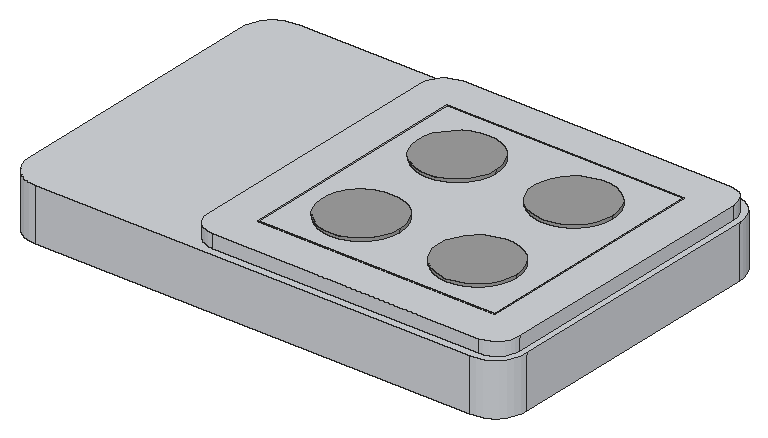
Revit family "Lighting-Industrial-GEWISS-SMART[4]HLO_HIGHBAYS-LED_1M_DALI", category Apparecchi per illuminazione, Revit 2019
Family settings
  Quota connettore circolare = Usa diametro
  Tipo di parte = Normale
  Numero OmniClass = 23.80.00.00
  Titolo OmniClass = Electric Power and Lighting
  Basato su piano di lavoro = Sì
  Sempre verticale = No
  Taglio con vuoti quando caricato = No
  Sorgente d'illuminazione = No
  Condiviso = No
  Punto di calcolo locali = No
Parameters (values of type "GWS4123BQ857 - SMART4LB 1M C.PAS.DALI HLO ELL.57K")
  Wiring = "With GW connect watertight connector"
  Weight (kg): = "3,5"
  Warranty = "5 years"
  Voltaggio = 230 V
  Vetro acceso = Lampada accesa
  Version file RFA = "20.11"
  Unique digital code (Datamatrix) = "Datamatrix"
  Unified Glare Rating = "-"
  URL = "https://www.gewiss.com/ww/en"
  Type of light source = "LED - Not replaceable"
  Tilt- = "With bracket accessory"
  Technical sheet = "https://www.gewiss.com/ww/en/search?q=GWS4123BQ857"
  System power = "64W"
  Supply voltage = "220 - 240 V"
  Stocking temperature = "-40 +70 °C"
  Standards and approvals = "-"
  Standard- = "EN 60598-1 ; EN 60598-2-1 ; EN 60598-2-24"
  Standard Deviation Colour Matching = "SDCM = 3"
  Spostamento_Y_etichetta [instance] = 0 mm
  Spostamento_Y_effettivo_etichetta [instance] = 1500 mm - Spostamento_Y_etichetta  # 1500 mm
  Spostamento_X_etichetta [instance] = 0 mm
  Spostamento_X_effettivo_etichetta [instance] = 1500 mm - Spostamento_X_etichetta  # 1500 mm
  Shock resistance = "IK08"
  Shield type = "Tempered glass Thickness 4mm"
  SEO = "Low bay"
  Realized by GEWISS S.p.A. = ""
  Rated frequency (Hz) = "50/60 Hz"
  Produttore = "GEWISS S.p.A."
  Photobiological Risk Class = "RG0"
  Overvoltage protection = "DM 6 kV / CM 10 kV"
  Optic and illuminating features = "-"
  Optic Maintenance = "Non-replaceable"
  Optic : = "Metallic PC reflector and PMMA lenses"
  Optic = "Elliptical"
  Operating temperature : = "-30°C ÷ +50 °C"
  Offset etichetta W [instance] = 120 mm
  Mouting and installation = "Ceiling - Wallmounting - Suspension"
  Modello = "GWS4123BQ857"
  Maximum surface exposed to the wind : = "0,097 m²"
  Materials = "-"
  Luminaire = "LED Industrial Reflector "
  Lumen output (lm) = "8200"
  Locking Hook = "-"
  Lifetime = "L90B10 (Tq+25°C) = 100.000 h - L90B10 (Tq+50°C) = 50.000 h"
  Lampada = "LED"
  LED Maintenance = "Non-replaceable"
  Insulation class = "I"
  Installationa and maintenance = "-"
  Immagine tipo = GWL1071.jpg
  IPEA = "-"
  IP degree = "IP66"
  IFC.TypeObject = ""
  IFC.ExportType = ""
  IFC.ExportAs = ""
  IDT = "0f19f0c5244441bab192072dc14552b5"
  IDF = "f2ed7942-e2f7-4533-ac64-b961166995a0"
  Glow Wire Test : = "850 °C"
  General information = "-"
  Gasket = "anti-aging silicone"
  Fixing = "-"
  External screw = "Stainless steel"
  Etichetta wattaggio [instance] = yes
  Default Elevation = 1219.2 mm
  Trasformatore = none
  Spessore plafoniera = 40 mm  # constant formula
  Proiettsmart [instance] = yes
  Raggio led = 30 mm  # constant formula
  Plafoniera = none
  Eletrical and lighting features = "-"
  Electrocod = "2444"
  Efficiency (lm/W) = "128"
  Driver Box = "Built-in"
  Driver = "Included"
  Device with reduced surface temperature = "Yes"
  Descrizione = "SMART[4]LB 1M C.PAS.DALI HLO ELL.57K"
  DIN 18032-3 certification = "With Bracket - Rope Kit + terminal&nbsp;(in approval)"
  Control System : = "DALI"
  Control System = "1 x DALI DT6"
  Context = "Logistics and industrial manufacturing lighting"
  Commenti sul wattaggio = "50W"
  Colour temperature = "5700K"
  Colour : = "Grey RAL 7035"
  Colour = "Grey RAL 7035"
  Color Rendering Index = "CRI-80"
  Classificazione = Lighting
  Classification: = "-"
  Catalogue = "LIGHTING"
  Carico apparente = 50 VA
  Motore = none
  Lunghezza = 383 mm  # constant formula
  Larghezza = 253 mm  # constant formula
  Distanza tot_plafoniera = 74 mm  # constant formula
  Dettaglio bidimensionale attivo [instance] = not(Proiettsmart)  # no
  COBie.Tagnumber = ""
  COBie.CreatedOn = ""
  COBie.CreatebBy = ""
  COBie.ComponentRegisterItemID = ""
  COBie.Component.TagNumber = ""
  COBie.Component.Space = ""
  COBie.Component.SerialNumber = ""
  COBie.Component.InstallationDate = ""
  COBie.Component.Description = ""
  COBie.Component.BarCode = ""
  Body = "PA6 \"Halogen Free\" loaded fibreglass"
  Application = "Internal"
Types (36, lengths in mm): name | Unified Glare Rating | Technical sheet | SEO | Optic : | Optic | Modello | Lumen output (lm) | IDT | Efficiency (lm/W) | Descrizione | Colour temperature
  GWS4121BA830 - SMART4LB 1M ST.AL.DALI HLO ARR.30K | "-" | "https://www.gewiss.com/ww/en/search?q=GWS4121BA830" | "" | "Metallized polycarbonate reflector" | "Array" | "GWS4121BA830" | "8700" | "3c8c9cd2a1f8466ea330df7b803f5e3e" | "136" | "SMART[4]LB 1M ST.AL.DALI HLO ARR.30K" | "3000K"
  GWS4121BA840 - SMART4LB 1M ST.AL.DALI HLO ARR.40K | "-" | "https://www.gewiss.com/ww/en/search?q=GWS4121BA840" | "" | "Metallized polycarbonate reflector" | "Array" | "GWS4121BA840" | "9200" | "fc32e31fcfe947ef98c649eb0c9092ca" | "144" | "SMART[4]LB 1M ST.AL.DALI HLO ARR.40K" | "4000K"
  GWS4121BA857 - SMART4LB 1M ST.AL.DALI HLO ARR.57K | "-" | "https://www.gewiss.com/ww/en/search?q=GWS4121BA857" | "" | "Metallized polycarbonate reflector" | "Array" | "GWS4121BA857" | "9200" | "cf8a8344517a413eb03ec89a6845701b" | "144" | "SMART[4]LB 1M ST.AL.DALI HLO ARR.57K" | "5700K"
  GWS4121BC830 - SMART4LB 1M ST.AL.DALI HLO ASI.30K | "-" | "https://www.gewiss.com/ww/en/search?q=GWS4121BC830" | "Low bay" | "Metallic PC reflector and PMMA lenses" | "Asymmetrical" | "GWS4121BC830" | "7800" | "a0b648026476420b8dc21789f594ab3c" | "122" | "SMART[4]LB 1M ST.AL.DALI HLO ASI.30K" | "3000K"
  GWS4121BC840 - SMART4LB 1M ST.AL.DALI HLO ASI.40K | "-" | "https://www.gewiss.com/ww/en/search?q=GWS4121BC840" | "Low bay" | "Metallic PC reflector and PMMA lenses" | "Asymmetrical" | "GWS4121BC840" | "8200" | "88e05dfef13146d99efdb6a832d9ab8c" | "128" | "SMART[4]LB 1M ST.AL.DALI HLO ASI.40K" | "4000K"
  GWS4121BC857 - SMART4LB 1M ST.AL.DALI HLO ASI.57K | "-" | "https://www.gewiss.com/ww/en/search?q=GWS4121BC857" | "Low bay" | "Metallic PC reflector and PMMA lenses" | "Asymmetrical" | "GWS4121BC857" | "8200" | "9ff981c9860f40c5b783777c3291eb13" | "128" | "SMART[4]LB 1M ST.AL.DALI HLO ASI.57K" | "5700K"
  GWS4121BF830 - SMART4LB 1M ST.AL.DALI HLO 30° 30K | "UGR - 22" | "https://www.gewiss.com/ww/en/search?q=GWS4121BF830" | "" | "Metallic PC reflector and PMMA lenses" | "30°" | "GWS4121BF830" | "8600" | "a25cc7125eb34224b572debc80b601d7" | "134" | "SMART[4]LB 1M ST.AL.DALI HLO 30° 30K" | "3000K"
  GWS4121BF840 - SMART4LB 1M ST.AL.DALI HLO 30° 40K | "UGR - 22" | "https://www.gewiss.com/ww/en/search?q=GWS4121BF840" | "" | "Metallic PC reflector and PMMA lenses" | "30°" | "GWS4121BF840" | "9000" | "d29e8aeb44ce46139e3ee9839a01651b" | "141" | "SMART[4]LB 1M ST.AL.DALI HLO 30° 40K" | "4000K"
  GWS4121BF857 - SMART4LB 1M ST.AL.DALI HLO 30° 57K | "UGR - 22" | "https://www.gewiss.com/ww/en/search?q=GWS4121BF857" | "" | "Metallic PC reflector and PMMA lenses" | "30°" | "GWS4121BF857" | "9000" | "33cec2ce45a848bb8ca47bcfa83b6f1e" | "141" | "SMART[4]LB 1M ST.AL.DALI HLO 30° 57K" | "5700K"
  GWS4121BH830 - SMART4LB 1M ST.AL.DALI HLO 60° 30K | "UGR - 25" | "https://www.gewiss.com/ww/en/search?q=GWS4121BH830" | "" | "Metallic PC reflector and PMMA lenses" | "60°" | "GWS4121BH830" | "8700" | "e9044566d9f142cb86b239b58a093b83" | "136" | "SMART[4]LB 1M ST.AL.DALI HLO 60° 30K" | "3000K"
  GWS4121BH840 - SMART4LB 1M ST.AL.DALI HLO 60° 40K | "UGR - 25" | "https://www.gewiss.com/ww/en/search?q=GWS4121BH840" | "" | "Metallic PC reflector and PMMA lenses" | "60°" | "GWS4121BH840" | "9200" | "d5c5bb56d87444a69fc6f2bb007e5cd2" | "144" | "SMART[4]LB 1M ST.AL.DALI HLO 60° 40K" | "4000K"
  GWS4121BH857 - SMART4LB 1M ST.AL.DALI HLO 60° 57K | "UGR - 25" | "https://www.gewiss.com/ww/en/search?q=GWS4121BH857" | "" | "Metallic PC reflector and PMMA lenses" | "60°" | "GWS4121BH857" | "9200" | "0def7b99f0bd4d9e8ef09be3a887c532" | "144" | "SMART[4]LB 1M ST.AL.DALI HLO 60° 57K" | "5700K"
  GWS4121BP830 - SMART4LB 1M ST.AL.DALI HLO 90° 30K | "UGR - 25" | "https://www.gewiss.com/ww/en/search?q=GWS4121BP830" | "" | "Metallic PC reflector and PMMA lenses" | "90°" | "GWS4121BP830" | "8800" | "e4cf1c9a884642aba78b24a96ff78798" | "138" | "SMART[4]LB 1M ST.AL.DALI HLO 90° 30K" | "3000K"
  GWS4121BP840 - SMART4LB 1M ST.AL.DALI HLO 90° 40K | "UGR - 25" | "https://www.gewiss.com/ww/en/search?q=GWS4121BP840" | "" | "Metallic PC reflector and PMMA lenses" | "90°" | "GWS4121BP840" | "9200" | "7dd5841921884531b88a6f8bfa8e61b4" | "144" | "SMART[4]LB 1M ST.AL.DALI HLO 90° 40K" | "4000K"
  GWS4121BP857 - SMART4LB 1M ST.AL.DALI HLO 90° 57K | "UGR - 25" | "https://www.gewiss.com/ww/en/search?q=GWS4121BP857" | "" | "Metallic PC reflector and PMMA lenses" | "90°" | "GWS4121BP857" | "9200" | "cb277817826749b794fbcda43e3a19d6" | "144" | "SMART[4]LB 1M ST.AL.DALI HLO 90° 57K" | "5700K"
  GWS4121BQ830 - SMART4LB 1M ST.AL.DALI HLO ELL.30K | "-" | "https://www.gewiss.com/ww/en/search?q=GWS4121BQ830" | "Low bay" | "Metallic PC reflector and PMMA lenses" | "Elliptical" | "GWS4121BQ830" | "7800" | "1e9ce777929e46018d5902249b083327" | "122" | "SMART[4]LB 1M ST.AL.DALI HLO ELL.30K" | "3000K"
  GWS4121BQ840 - SMART4LB 1M ST.AL.DALI HLO ELL.40K | "-" | "https://www.gewiss.com/ww/en/search?q=GWS4121BQ840" | "Low bay" | "Metallic PC reflector and PMMA lenses" | "Elliptical" | "GWS4121BQ840" | "8200" | "864ab2423d074fd385efe1e645d140bf" | "128" | "SMART[4]LB 1M ST.AL.DALI HLO ELL.40K" | "4000K"
  GWS4121BQ857 - SMART4LB 1M ST.AL.DALI HLO ELL.57K | "-" | "https://www.gewiss.com/ww/en/search?q=GWS4121BQ857" | "Low bay" | "Metallic PC reflector and PMMA lenses" | "Elliptical" | "GWS4121BQ857" | "8200" | "25e801fb086948e2b4327555bf07c617" | "128" | "SMART[4]LB 1M ST.AL.DALI HLO ELL.57K" | "5700K"
  GWS4123BA830 - SMART4LB 1M C.PAS.DALI HLO ARR.30K | "-" | "https://www.gewiss.com/ww/en/search?q=GWS4123BA830" | "" | "Metallized polycarbonate reflector" | "Array" | "GWS4123BA830" | "8700" | "6fc344f2021542a3b1c946733bec046f" | "136" | "SMART[4]LB 1M C.PAS.DALI HLO ARR.30K" | "3000K"
  GWS4123BA840 - SMART4LB 1M C.PAS.DALI HLO ARR.40K | "-" | "https://www.gewiss.com/ww/en/search?q=GWS4123BA840" | "" | "Metallized polycarbonate reflector" | "Array" | "GWS4123BA840" | "9200" | "5fcec995ed3e46dd97f602341056cff6" | "144" | "SMART[4]LB 1M C.PAS.DALI HLO ARR.40K" | "4000K"
  GWS4123BA857 - SMART4LB 1M C.PAS.DALI HLO ARR.57K | "-" | "https://www.gewiss.com/ww/en/search?q=GWS4123BA857" | "" | "Metallized polycarbonate reflector" | "Array" | "GWS4123BA857" | "9200" | "cad7cdcff6d94a1cbaaf84e02f2e9f9c" | "144" | "SMART[4]LB 1M C.PAS.DALI HLO ARR.57K" | "5700K"
  GWS4123BC830 - SMART4LB 1M C.PAS.DALI HLO ASI.30K | "-" | "https://www.gewiss.com/ww/en/search?q=GWS4123BC830" | "Low bay" | "Metallic PC reflector and PMMA lenses" | "Asymmetrical" | "GWS4123BC830" | "7800" | "506f4d9ad5a044b8b5ea046696c04247" | "122" | "SMART[4]LB 1M C.PAS.DALI HLO ASI.30K" | "3000K"
  GWS4123BC840 - SMART4LB 1M C.PAS.DALI HLO ASI.40K | "-" | "https://www.gewiss.com/ww/en/search?q=GWS4123BC840" | "Low bay" | "Metallic PC reflector and PMMA lenses" | "Asymmetrical" | "GWS4123BC840" | "8200" | "a50ae92af3244e0aadfb2ab6c186a472" | "128" | "SMART[4]LB 1M C.PAS.DALI HLO ASI.40K" | "4000K"
  GWS4123BC857 - SMART4LB 1M C.PAS.DALI HLO ASI.57K | "-" | "https://www.gewiss.com/ww/en/search?q=GWS4123BC857" | "Low bay" | "Metallic PC reflector and PMMA lenses" | "Asymmetrical" | "GWS4123BC857" | "8200" | "e3c59657c70f4f66a7e8467e85947b53" | "128" | "SMART[4]LB 1M C.PAS.DALI HLO ASI.57K" | "5700K"
  GWS4123BF830 - SMART4LB 1M C.PAS.DALI HLO 30° 30K | "UGR - 22" | "https://www.gewiss.com/ww/en/search?q=GWS4123BF830" | "" | "Metallic PC reflector and PMMA lenses" | "30°" | "GWS4123BF830" | "8600" | "8fe097f7d60a4ec2a90aec73ccdb869a" | "134" | "SMART[4]LB 1M C.PAS.DALI HLO 30° 30K" | "3000K"
  GWS4123BF840 - SMART4LB 1M C.PAS.DALI HLO 30° 40K | "UGR - 22" | "https://www.gewiss.com/ww/en/search?q=GWS4123BF840" | "" | "Metallic PC reflector and PMMA lenses" | "30°" | "GWS4123BF840" | "9000" | "2c78ef94f8dc4b6eb48cc91e5226dd56" | "141" | "SMART[4]LB 1M C.PAS.DALI HLO 30° 40K" | "4000K"
  GWS4123BF857 - SMART4LB 1M C.PAS.DALI HLO 30° 57K | "UGR - 22" | "https://www.gewiss.com/ww/en/search?q=GWS4123BF857" | "" | "Metallic PC reflector and PMMA lenses" | "30°" | "GWS4123BF857" | "9000" | "e72fbe3d36494be5b6a607f2f80b7e8c" | "141" | "SMART[4]LB 1M C.PAS.DALI HLO 30° 57K" | "5700K"
  GWS4123BH830 - SMART4LB 1M C.PAS.DALI HLO 60° 30K | "UGR - 25" | "https://www.gewiss.com/ww/en/search?q=GWS4123BH830" | "" | "Metallic PC reflector and PMMA lenses" | "60°" | "GWS4123BH830" | "8700" | "332ed2f7157f4022bec102e0d33e26fe" | "136" | "SMART[4]LB 1M C.PAS.DALI HLO 60° 30K" | "3000K"
  GWS4123BH840 - SMART4LB 1M C.PAS.DALI HLO 60° 40K | "UGR - 25" | "https://www.gewiss.com/ww/en/search?q=GWS4123BH840" | "" | "Metallic PC reflector and PMMA lenses" | "60°" | "GWS4123BH840" | "9200" | "be55320ac3cc4c30ab8e75c2cf8222e5" | "144" | "SMART[4]LB 1M C.PAS.DALI HLO 60° 40K" | "4000K"
  GWS4123BH857 - SMART4LB 1M C.PAS.DALI HLO 60° 57K | "UGR - 25" | "https://www.gewiss.com/ww/en/search?q=GWS4123BH857" | "" | "Metallic PC reflector and PMMA lenses" | "60°" | "GWS4123BH857" | "9200" | "0a12d31ccdb84652b1b2a166e5128af2" | "144" | "SMART[4]LB 1M C.PAS.DALI HLO 60° 57K" | "5700K"
  GWS4123BP830 - SMART4LB 1M C.PAS.DALI HLO 90° 30K | "UGR - 25" | "https://www.gewiss.com/ww/en/search?q=GWS4123BP830" | "" | "Metallic PC reflector and PMMA lenses" | "90°" | "GWS4123BP830" | "8800" | "c0ab7bf293074d3eb7aa119152d3f6b5" | "138" | "SMART[4]LB 1M C.PAS.DALI HLO 90° 30K" | "3000K"
  GWS4123BP840 - SMART4LB 1M C.PAS.DALI HLO 90° 40K | "UGR - 25" | "https://www.gewiss.com/ww/en/search?q=GWS4123BP840" | "" | "Metallic PC reflector and PMMA lenses" | "90°" | "GWS4123BP840" | "9200" | "d1b9887548ab42a0939a33bf9b0ca247" | "144" | "SMART[4]LB 1M C.PAS.DALI HLO 90° 40K" | "4000K"
  GWS4123BP857 - SMART4LB 1M C.PAS.DALI HLO 90° 57K | "UGR - 25" | "https://www.gewiss.com/ww/en/search?q=GWS4123BP857" | "" | "Metallic PC reflector and PMMA lenses" | "90°" | "GWS4123BP857" | "9200" | "d0153c7a045b47d38d3cf9b3a6626c4d" | "144" | "SMART[4]LB 1M C.PAS.DALI HLO 90° 57K" | "5700K"
  GWS4123BQ830 - SMART4LB 1M C.PAS.DALI HLO ELL.30K | "-" | "https://www.gewiss.com/ww/en/search?q=GWS4123BQ830" | "Low bay" | "Metallic PC reflector and PMMA lenses" | "Elliptical" | "GWS4123BQ830" | "7800" | "bbe2d4bfdb1746bab4d4adc563020c20" | "122" | "SMART[4]LB 1M C.PAS.DALI HLO ELL.30K" | "3000K"
  GWS4123BQ840 - SMART4LB 1M C.PAS.DALI HLO ELL.40K | "-" | "https://www.gewiss.com/ww/en/search?q=GWS4123BQ840" | "Low bay" | "Metallic PC reflector and PMMA lenses" | "Elliptical" | "GWS4123BQ840" | "8200" | "0459e44a1a3244479af00d5aa7a43ae8" | "128" | "SMART[4]LB 1M C.PAS.DALI HLO ELL.40K" | "4000K"
  GWS4123BQ857 - SMART4LB 1M C.PAS.DALI HLO ELL.57K | "-" | "https://www.gewiss.com/ww/en/search?q=GWS4123BQ857" | "Low bay" | "Metallic PC reflector and PMMA lenses" | "Elliptical" | "GWS4123BQ857" | "8200" | "0f19f0c5244441bab192072dc14552b5" | "128" | "SMART[4]LB 1M C.PAS.DALI HLO ELL.57K" | "5700K"
Reference planes
  plane 1 "Centro (Fronte/Retro)": y = 0
  plane 2: z = 0
  plane 3 "Centro (Sinistra/Destra)": x = 0
  plane 4: x = -191.5
  plane 5: y = 126.5
  plane 6: x = 191.5
  plane 7: y = -126.5
  plane 8: z = -74
  plane 9: x = -175.5
  plane 10: y = -110.5
  plane 11: y = 110.5
  plane 12: x = -60.5
  plane 13: y = 121.5
  plane 14: x = 186.5
  plane 15: y = -120
  plane 16: z = 74
  plane 17: z = 84
  plane 18: z = 86
  plane 19: x = -1500
  plane 20: y = -1500
  plane 21: x = 0
  plane 22: y = 0
Dimensions and locks
  equal spacing: plane 5, plane 1 "Centro (Fronte/Retro)", plane 7
  equal spacing: plane 4, plane 3 "Centro (Sinistra/Destra)", plane 6
  "Lunghezza": plane 4 to plane 6
  "Larghezza": plane 5 to plane 7
  locked: plane 14 to plane 6 at 5
  locked: plane 5 to plane 13 at 5
  nested 3 to plane 8 = 133.058 mm
  locked: plane 4 to plane 9 at 16
  "Offset etichetta W": plane 1 "Centro (Fronte/Retro)" to plane 15
  "Distanza tot_plafoniera": plane 16 to level
  locked: plane 18 to plane 17 at 2
  plane 19 to plane 3 "Centro (Sinistra/Destra)" = 1500 mm
  plane 1 "Centro (Fronte/Retro)" to plane 20 = 1500 mm
  "Spostamento_Y_effettivo_etichetta": plane 22 to plane 20
  "Spostamento_X_effettivo_etichetta": plane 19 to plane 21
  aligned and locked: level to plane 2
  aligned and locked: plane 4 to nested 1
  aligned and locked: plane 6 to nested 1
  aligned and locked: plane 5 to nested 1
  aligned and locked: plane 7 to nested 1
  aligned and locked: plane 14 to nested 2
  aligned and locked: plane 1 "Centro (Fronte/Retro)" to nested 10
  aligned and locked: nested 3 to plane 2
  aligned and locked: plane 16 to nested 1
  aligned and locked: plane 1 "Centro (Fronte/Retro)" to nested 8
  aligned and locked: plane 1 "Centro (Fronte/Retro)" to nested 1
  aligned and locked: plane 1 "Centro (Fronte/Retro)" to nested 2
  aligned and locked: nested 2 to plane 16
  aligned and locked: nested 4 to plane 18
  aligned and locked: plane 18 to nested 6
  aligned and locked: nested 7 to plane 18
  aligned and locked: plane 18 to nested 5
  aligned and locked: nested 9 to plane 22
  aligned and locked: plane 21 to nested 9
Nested families
  nested 1: "Struttura_SMART[4] LB - 2+2 L" at (0, 0, 74), type "SMART Lab (4) 4L"
  nested 2: "mascherina_SMART (4)" at (66.5, 0, 84), type "Maschera_smart (4) 4L", detail levels medium+fine
  nested 3: "Staffa SMART LAB 4" at (65, -20, 59.058) x (0, 1, 0) z (0, 0, -1), type "Staffa SMART LAB 4", detail levels medium+fine
  nested 4: "Gewis - Led" at (20.25, 44.75, 86), type "Gewis - Led", detail levels fine
  nested 5: "Gewis - Led" at (109.75, 44.75, 86) x (-1, 0, 0) z (0, 0, 1), type "Gewis - Led", detail levels fine
  nested 6: "Gewis - Led" at (20.25, -47.75, 86), type "Gewis - Led", detail levels fine
  nested 7: "Gewis - Led" at (109.75, -47.75, 86) x (-1, 0, 0) z (0, 0, 1), type "Gewis - Led", detail levels fine
  nested 8: "Rappr_bidimensionale_SMART[4] LB 4L" at (40, 0, 0), visible <- "Dettaglio bidimensionale attivo", type "SMART[4] LB 4L_bidimensionalerfa"
  nested 9: "ETICHETTA LIGHT" at (0, 0, 0), visible <- "Etichetta wattaggio", type "ETICHETTA LIGHT"
  nested 10: "PROIETTSMART " at (-32.162, 0, 0), visible <- "Proiettsmart", type "PROIETTSMART "
Connectors
  electrical at (0.009, -0.098, 34), driven by "Classificazione", driven by "Carico apparente"
    settings: on nested 1, index 1, voltage 230 V, apparent load 0 VA, apparent load phase1 50 VA, apparent load phase2 0 VA, apparent load phase3 0 VA, power factor 1, load classification "Lighting", number of poles 2, system type 31, power factor state 1, is connector primary yes, connector utility no, sub classification motor no, connector description ""
Definition of nested family "Struttura_SMART[4] LB - 2+2 L"
  Parameters (values of type "SMART Lab (4) 4L")
    Struttura plafoniera = none
    Spessore_plafoniera = 40 mm
    Lunghezza = 383 mm
    Larghezza = 253 mm
  Reference planes
    plane 1 "Asse sorgente illuminazione (F/B)": y = 0
    plane 2: z = 0
    plane 3 "Asse sorgente illuminazione (L/R)": x = 0
    plane 4 "Prospetto sorgente di illuminazione": z = -40
    plane 5 "SX": x = -191.5
    plane 6 "DX": x = 191.5
    plane 7 "DIETRO": y = 126.5
    plane 8 "AVANTI": y = -126.5
    plane 9: x = -51.5
    plane 10: x = 180.5
    plane 11: y = -115.5
    plane 12: y = 115.5
    plane 13: x = -180.5
    plane 14: x = 51.5
  Forms (mm)
    Extrusion 1, solid, material <- "Struttura plafoniera"
      sketch origin (0, 0, 0) x (1, 0, 0) y (0, 1, 0)
        loop
          line (191.5, -102.095) -> (191.5, 102.09)
          arc (191.5, 102.09) -> (184.35, 119.35) -> (167.09, 126.5) r 24.41
          line (167.09, 126.5) -> (-167.009, 126.5)
          arc (-167.009, 126.5) -> (-184.554, 119.1) -> (-191.5, 101.371) r 24.499
          line (-191.5, 101.371) -> (-191.5, -102.092)
          arc (-191.5, -102.092) -> (-184.351, -119.351) -> (-167.092, -126.5) r 24.408
          line (-167.092, -126.5) -> (167.117, -126.5)
          arc (167.117, -126.5) -> (184.334, -119.368) -> (191.465, -102.152) r 24.348
      from -40 to 0
  Dimensions and locks
    equal spacing: plane 5 "SX", plane 3 "Asse sorgente illuminazione (L/R)", plane 6 "DX"
    equal spacing: plane 7 "DIETRO", plane 1 "Asse sorgente illuminazione (F/B)", plane 8 "AVANTI"
    "Lunghezza": plane 5 "SX" to plane 6 "DX"
    "Larghezza": plane 7 "DIETRO" to plane 8 "AVANTI"
    locked: plane 7 "DIETRO" to plane 12 at 11
    locked: plane 11 to plane 8 "AVANTI" at 11
    locked: plane 10 to plane 6 "DX" at 11
    locked: plane 9 to plane 10 at 232
    plane 13 to plane 14 = 232 mm
    locked: plane 5 "SX" to plane 13 at 11
    "Spessore_plafoniera": plane 2 to plane 4 "Prospetto sorgente di illuminazione"
    aligned and locked: level to plane 2
    aligned and locked: Extrusion 1 to plane 5 "SX"
    aligned and locked: Extrusion 1 to plane 8 "AVANTI"  (x2)
    aligned and locked: plane 7 "DIETRO" to Extrusion 1
    aligned and locked: plane 6 "DX" to Extrusion 1
    aligned and locked: plane 4 "Prospetto sorgente di illuminazione" to Extrusion 1
    aligned and locked: plane 2 to Extrusion 1
  Automatic sketch dimensions
    Extrusion 1 sketch curve to plane 5 "SX" = 0 mm
    Extrusion 1 sketch curve to plane 8 "AVANTI" = 0 mm
    Extrusion 1 sketch curve to plane 7 "DIETRO" = 0 mm
    Extrusion 1 sketch curve to plane 6 "DX" = 0 mm
    plane 13 to Extrusion 1 sketch curve = 13.408 mm
    plane 13 to Extrusion 1 sketch curve = 13.491 mm
    Extrusion 1 sketch curve to plane 10 = 13.41 mm
    Extrusion 1 sketch curve to plane 10 = 13.383 mm
    plane 11 to Extrusion 1 sketch curve = 13.348 mm
    Extrusion 1 sketch curve to plane 12 = 14.129 mm
    Extrusion 1 sketch curve to Extrusion 1 sketch curve = 0.056 mm
Definition of nested family "mascherina_SMART (4)"
  Parameters (values of type "Maschera_smart (4) 4L")
    Spessore_mascherina = 10 mm
    Default Elevation = 1219.2 mm
    N.intarsi = (Lunghezza_mascherina - (Bordo * 2)) / 15 mm  # 12
    N._intarsi verticale = (Larghezza_mascherina - (Bordo * 2)) / 17 mm  # 11
    Mascherina = none
    Lunghezza_mascherina = 240 mm
    Larghezza_mascherina = 240 mm
    Distanza_intarsi v. = 41 mm  # constant formula
    Distanza_intarsi = 37 mm  # constant formula
    Bordo = 29 mm
  Reference planes
    plane 1 "Centro (Fronte/Retro)": y = 0
    plane 2: z = 0
    plane 3 "Centro (Sinistra/Destra)": x = 0
    plane 4: x = -120
    plane 5 "Dietro": y = 120
    plane 6: x = 120
    plane 7: y = -120
    plane 8: x = -91
    plane 9: y = -91
    plane 10: x = 91
    plane 11: y = 91
    plane 12: x = -83
    plane 13: y = 94.742
    plane 14: y = -95
    plane 15: z = -10
    plane 16: x = -95
    plane 17: y = 79
    plane 18: y = -79
    plane 19: x = 95
    plane 20: z = -4.799
  Forms (mm)
    Extrusion 1, solid, material <- "Mascherina"
      sketch origin (0, 0, 0) x (1, 0, 0) y (0, 1, 0)
        loop
          arc (-102.5, 120) -> (-114.874, 114.874) -> (-120, 102.5) r 17.5
          line (-120, 102.5) -> (-120, -102.5)
          arc (-120, -102.5) -> (-114.874, -114.874) -> (-102.5, -120) r 17.5
          line (-102.5, -120) -> (102.5, -120)
          arc (102.5, -120) -> (114.874, -114.874) -> (120, -102.5) r 17.5
          line (120, -102.5) -> (120, 102.5)
          arc (120, 102.5) -> (114.874, 114.874) -> (102.5, 120) r 17.5
          line (102.5, 120) -> (-102.5, 120)
        loop
          line (-91, 91) -> (-91, -91) -> (91, -91) -> (91, 91) -> (-91, 91)
      from -10 to 0
    Extrusion 2, solid, material <- "Mascherina"
      sketch origin (0, 0, 0) x (1, 0, 0) y (0, 1, 0)
        loop
          line (-91, 91) -> (-91, -91) -> (91, -91) -> (91, 91) -> (-91, 91)
      from -4.799 to 0
  Dimensions and locks
    equal spacing: plane 4, plane 3 "Centro (Sinistra/Destra)", plane 6
    "Lunghezza_mascherina": plane 4 to plane 6
    equal spacing: plane 5 "Dietro", plane 1 "Centro (Fronte/Retro)", plane 7
    "Larghezza_mascherina": plane 5 "Dietro" to plane 7
    "Bordo": plane 4 to plane 8
    "Bordo": plane 9 to plane 7
    "Bordo": plane 5 "Dietro" to plane 11
    "Bordo": plane 10 to plane 6
    "Distanza_intarsi": plane 4 to plane 12
    locked: plane 13 to plane 11 at 3.742
    "Spessore_mascherina": plane 2 to plane 15
    "Distanza_intarsi v.": plane 5 "Dietro" to plane 17
    "Distanza_intarsi v.": plane 18 to plane 7
    locked: plane 9 to plane 14 at 4
    locked: plane 16 to plane 8 at 4
    locked: plane 10 to plane 19 at 4
    locked: plane 2 to plane 20 at 4.799
    radius of Extrusion 1 sketch curve = 17.5 mm  (x4)
    aligned and locked: level to plane 2
    aligned and locked: plane 4 to Extrusion 1 sketch curve
    aligned and locked: plane 6 to Extrusion 1 sketch curve
    aligned and locked: Extrusion 1 sketch curve to plane 5 "Dietro"
    aligned and locked: Extrusion 1 sketch curve to plane 7
    aligned and locked: Extrusion 1 sketch curve to plane 11
    aligned and locked: plane 8 to Extrusion 1 sketch curve
    aligned and locked: plane 9 to Extrusion 1 sketch curve
    aligned and locked: Extrusion 1 sketch curve to plane 10
    aligned and locked: plane 2 to Extrusion 1
    aligned and locked: Extrusion 1 to plane 15
    aligned and locked: Extrusion 2 sketch curve to plane 10
    aligned and locked: plane 9 to Extrusion 2 sketch curve
    aligned and locked: plane 8 to Extrusion 2 sketch curve
    aligned and locked: Extrusion 2 sketch curve to plane 11
    aligned and locked: plane 2 to Extrusion 2
    aligned and locked: Extrusion 2 to plane 20
Definition of nested family "Staffa SMART LAB 4"
  Parameters (values of type "Staffa SMART LAB 4")
    Staffa = none
    Default Elevation = 1219.2 mm
  Reference planes
    plane 1 "Centro (Fronte/Retro)": y = 0
    plane 2: z = 0
    plane 3 "Centro (Sinistra/Destra)": x = 0
    plane 4: y = 25
    plane 5: y = -25
    plane 6: x = -480
    plane 7: x = 480
    plane 8: z = 340
  Forms (mm)
    Extrusion 1, solid, material <- "Staffa"
      sketch origin (-19.427, 0, 0) x (1, 0, 0) y (0, 0, 1)
        loop
          line (-52.112, 0) -> (-51.312, 0) -> (-51.312, 5.038) -> (-51.312, 7.679) -> (-48.064, 11.553) -> (-48.309, 20.832)
          arc (-48.309, 20.832) -> (-48.108, 21.384) -> (-47.585, 21.651) r 0.801
          line (-47.585, 21.651) -> (-46.541, 21.744)
          arc (-46.541, 21.744) -> (-45.388, 22.346) -> (-44.998, 23.587) r 1.701
          line (-44.998, 23.587) -> (-45.225, 26.168) -> (-47.881, 28.39) -> (-47.881, 32.971) -> (-23.475, 58.058) -> (62.329, 58.058) -> (86.735, 32.971) -> (86.735, 28.39) -> (84.08, 26.168) -> (83.852, 23.587)
          arc (83.852, 23.587) -> (84.243, 22.346) -> (85.396, 21.744) r 1.701
          line (85.396, 21.744) -> (86.439, 21.651)
          arc (86.439, 21.651) -> (86.963, 21.384) -> (87.163, 20.832) r 0.801
          line (87.163, 20.832) -> (86.919, 11.553) -> (90.167, 7.679) -> (90.167, 5.038) -> (90.167, 0) -> (90.967, 0) -> (90.967, 5.038) -> (90.967, 7.979) -> (87.921, 11.618) -> (88.163, 20.806)
          arc (88.163, 20.806) -> (87.71, 22.048) -> (86.531, 22.647) r 1.801
          line (86.531, 22.647) -> (85.484, 22.74)
          arc (85.484, 22.74) -> (85.009, 22.988) -> (84.849, 23.499) r 0.701
          line (84.849, 23.499) -> (85.039, 25.667) -> (87.735, 27.923) -> (87.735, 32.876) -> (86.947, 34.187) -> (62.751, 59.058) -> (-23.897, 59.058) -> (-48.093, 34.187) -> (-48.881, 32.876) -> (-48.881, 27.923) -> (-46.185, 25.667) -> (-45.994, 23.499)
          arc (-45.994, 23.499) -> (-46.155, 22.988) -> (-46.63, 22.74) r 0.701
          line (-46.63, 22.74) -> (-47.676, 22.647)
          arc (-47.676, 22.647) -> (-48.856, 22.048) -> (-49.308, 20.806) r 1.801
          line (-49.308, 20.806) -> (-49.066, 11.618) -> (-52.112, 7.979) -> (-52.112, 5.038) -> (-52.112, 0)
      from -25 to 25
  Dimensions and locks
    equal spacing: plane 6, plane 3 "Centro (Sinistra/Destra)", plane 7
    equal spacing: plane 4, plane 1 "Centro (Fronte/Retro)", plane 5
    plane 4 to plane 5 = 50 mm
    plane 6 to plane 7 = 960 mm
    aligned and locked: level to plane 2
    aligned and locked: plane 4 to Extrusion 1
    aligned and locked: Extrusion 1 to plane 5
  Automatic sketch dimensions
    Extrusion 1 sketch curve to Extrusion 1 sketch curve = 0 mm  (x10)
    Extrusion 1 sketch curve to level = 0 mm  (x2)
    level to Extrusion 1 sketch curve = 5.038 mm
    Extrusion 1 sketch curve to plane 3 "Centro (Sinistra/Destra)" = 71.54 mm
    Extrusion 1 sketch curve to Extrusion 1 sketch curve = 0.8 mm  (x2)
    level to Extrusion 1 sketch curve = 20.806 mm  (x2)
    Extrusion 1 sketch curve to Extrusion 1 sketch curve = 2.804 mm
    level to Extrusion 1 sketch curve = 11.618 mm  (x2)
    Extrusion 1 sketch curve to Extrusion 1 sketch curve = 2.246 mm  (x2)
    Extrusion 1 sketch curve to Extrusion 1 sketch curve = 0.428 mm
    level to Extrusion 1 sketch curve = 20.832 mm  (x2)
    Extrusion 1 sketch curve to Extrusion 1 sketch curve = 1 mm  (x4)
    Extrusion 1 sketch curve to Extrusion 1 sketch curve = 0.788 mm
    level to Extrusion 1 sketch curve = 11.553 mm  (x2)
    Extrusion 1 sketch curve to Extrusion 1 sketch curve = 1.002 mm  (x2)
    level to Extrusion 1 sketch curve = 22.647 mm  (x2)
    Extrusion 1 sketch curve to Extrusion 1 sketch curve = 0.632 mm
    level to Extrusion 1 sketch curve = 21.651 mm  (x2)
    Extrusion 1 sketch curve to Extrusion 1 sketch curve = 0.092 mm  (x2)
    Extrusion 1 sketch curve to Extrusion 1 sketch curve = 0.984 mm
    level to Extrusion 1 sketch curve = 22.74 mm  (x2)
    Extrusion 1 sketch curve to Extrusion 1 sketch curve = 0.062 mm
    level to Extrusion 1 sketch curve = 21.744 mm  (x2)
    Extrusion 1 sketch curve to Extrusion 1 sketch curve = 0.088 mm
    Extrusion 1 sketch curve to Extrusion 1 sketch curve = 0.507 mm
    level to Extrusion 1 sketch curve = 23.499 mm  (x2)
    Extrusion 1 sketch curve to Extrusion 1 sketch curve = 0.698 mm  (x2)
    Extrusion 1 sketch curve to Extrusion 1 sketch curve = 0.96 mm  (x2)
    level to Extrusion 1 sketch curve = 23.587 mm  (x2)
    Extrusion 1 sketch curve to plane 3 "Centro (Sinistra/Destra)" = 43.324 mm
    Extrusion 1 sketch curve to Extrusion 1 sketch curve = 0.422 mm  (x2)
    plane 3 "Centro (Sinistra/Destra)" to Extrusion 1 sketch curve = 42.902 mm
    Extrusion 1 sketch curve to Extrusion 1 sketch curve = 21.523 mm
    level to Extrusion 1 sketch curve = 26.168 mm
    Extrusion 1 sketch curve to Extrusion 1 sketch curve = 0.227 mm
    Extrusion 1 sketch curve to Extrusion 1 sketch curve = 0.996 mm
    level to Extrusion 1 sketch curve = 25.667 mm
    Extrusion 1 sketch curve to Extrusion 1 sketch curve = 0.548 mm
    Extrusion 1 sketch curve to Extrusion 1 sketch curve = 0.966 mm
    Extrusion 1 sketch curve to Extrusion 1 sketch curve = 0.077 mm
    level to Extrusion 1 sketch curve = 28.39 mm
    Extrusion 1 sketch curve to Extrusion 1 sketch curve = 1.696 mm
    Extrusion 1 sketch curve to Extrusion 1 sketch curve = 0.557 mm
    level to Extrusion 1 sketch curve = 34.187 mm
    Extrusion 1 sketch curve to Extrusion 1 sketch curve = 0.212 mm
    Extrusion 1 sketch curve to Extrusion 1 sketch curve = 0.801 mm
    level to Extrusion 1 sketch curve = 7.679 mm
    Extrusion 1 sketch curve to Extrusion 1 sketch curve = 2.641 mm  (x2)
    Extrusion 1 sketch curve to Extrusion 1 sketch curve = 0.3 mm  (x2)
    Extrusion 1 sketch curve to Extrusion 1 sketch curve = 2.168 mm
    Extrusion 1 sketch curve to Extrusion 1 sketch curve = 0.501 mm
    Extrusion 1 sketch curve to Extrusion 1 sketch curve = 0.467 mm  (x2)
    Extrusion 1 sketch curve to Extrusion 1 sketch curve = 2.256 mm
    Extrusion 1 sketch curve to Extrusion 1 sketch curve = 4.486 mm
    Extrusion 1 sketch curve to Extrusion 1 sketch curve = 1.311 mm
    Extrusion 1 sketch curve to Extrusion 1 sketch curve = 0.095 mm  (x2)
    Extrusion 1 sketch curve to Extrusion 1 sketch curve = 1.216 mm
    Extrusion 1 sketch curve to Extrusion 1 sketch curve = 23.87 mm
Definition of nested family "Gewis - Led"
  Parameters (values of type "Gewis - Led")
    Vetro = none
    Raggio led = 30 mm
    Default Elevation = 1219.2 mm
    Estensione vetro = 3 mm
  Reference planes
    plane 1 "Centro (Fronte/Retro)": y = 0
    plane 2: z = 0
    plane 3 "Centro (Sinistra/Destra)": x = 0
  Forms (mm)
    Extrusion 1, solid, material <- "Vetro"
      sketch origin (0, 0, 0) x (1, 0, 0) y (0, 1, 0)
        loop
          circle (0, 0) r 30
      from -3 to 0
  Dimensions and locks
    "Estensione vetro": level to Extrusion 1
    "Raggio led": radius of Extrusion 1 sketch curve
    aligned and locked: level to plane 2
    aligned and locked: level to Extrusion 1
  Automatic sketch dimensions
    plane 1 "Centro (Fronte/Retro)" to Extrusion 1 sketch curve = 0 mm
    Extrusion 1 sketch curve to plane 3 "Centro (Sinistra/Destra)" = 0 mm
Definition of nested family "Rappr_bidimensionale_SMART[4] LB 4L"
  Reference planes
    plane 1 "Centro (Fronte/Retro)": y = 0
    plane 2: z = 0
    plane 3 "Centro (Sinistra/Destra)": x = 0
  Lines and regions (mm)
    model lines, in view "Livello rif."
      curve 1: circle (-20.568, 47.057, 0) r 28.619 normal (0, 0, 1)
      curve 2: circle (73.432, -46.943, 0) r 28.619 normal (0, 0, 1)
      curve 3: circle (-20.568, -46.943, 0) r 28.619 normal (0, 0, 1)
      curve 4: circle (73.432, 47.057, 0) r 28.619 normal (0, 0, 1)
      curve 5: arc (-93.068, -104.009, 0) -> (-88.529, -114.969, 0) -> (-77.568, -119.509, 0) r 15.5
      curve 6: arc (145.932, 103.991, 0) -> (141.392, 114.952, 0) -> (130.432, 119.491, 0) r 15.5
      curve 7: arc (-77.568, 119.491, 0) -> (-88.529, 114.952, 0) -> (-93.068, 103.991, 0) r 15.5
      curve 8: arc (130.432, -119.509, 0) -> (141.392, -114.969, 0) -> (145.932, -104.009, 0) r 15.5
      curve 9: arc (152.721, 103.991, 0) -> (146.196, 119.749, 0) -> (130.441, 126.281, 0) r 22.29
      curve 10: arc (130.443, -126.298, 0) -> (146.197, -119.766, 0) -> (152.721, -104.009, 0) r 22.29
      curve 11: arc (-230.358, -108, 0) -> (-225, -120.942, 0) -> (-212.058, -126.298, 0) r 18.29
      curve 12: arc (-212.077, 126.281, 0) -> (-225.001, 120.924, 0) -> (-230.358, 108, 0) r 18.29
      curve 13: line (-66.068, -92.509, 0) -> (-66.068, 92.491, 0)
      curve 14: line (-66.068, 92.491, 0) -> (118.932, 92.491, 0)
      curve 15: line (118.932, 92.491, 0) -> (118.932, -92.509, 0)
      curve 16: line (118.932, -92.509, 0) -> (-66.068, -92.509, 0)
      curve 17: line (-77.568, -119.509, 0) -> (130.432, -119.509, 0)
      curve 18: line (-77.568, 119.491, 0) -> (130.432, 119.491, 0)
      curve 19: line (-93.068, 103.991, 0) -> (-93.068, -104.009, 0)
      curve 20: line (145.932, 103.991, 0) -> (145.932, -104.009, 0)
      curve 21: line (-212.077, 126.281, 0) -> (130.441, 126.281, 0)
      curve 22: line (152.721, 103.991, 0) -> (152.721, -104.009, 0)
      curve 23: line (130.443, -126.298, 0) -> (-212.058, -126.298, 0)
      curve 24: line (-230.358, -108, 0) -> (-230.358, 108, 0)
Definition of nested family "ETICHETTA LIGHT"
  Parameters (values of type "ETICHETTA LIGHT")
    COMMENTI = "53W"
  Reference planes
    plane 1: y = 0
    plane 2: x = 0
  Text (mm)
    label "COMMENTI" at (-0.057, 0.105, 0), shows "COMMENTI"
Definition of nested family "PROIETTSMART "
  Reference planes
    plane 1 "Centro (Fronte/Retro)": y = 0
    plane 2: z = 0
    plane 3 "Centro (Sinistra/Destra)": x = 0
  Lines and regions (mm)
    model lines, in view "Livello rif."
      curve 1: line (120.593, -21.515, 0) -> (77.393, -0.008, 0)
      curve 2: line (77.393, -0.008, 0) -> (120.593, 21.758, 0)
      curve 3: line (120.593, 21.758, 0) -> (120.593, -21.515, 0)
      curve 4: line (77.393, 21.629, 0) -> (77.393, -21.645, 0)
      curve 5: line (77.393, -0.008, 0) -> (52.133, -0.008, 0)
      curve 6: line (120.593, 0.122, 0) -> (139.246, 0.122, 0)
      curve 7: line (162.162, 66.747, 0) -> (162.162, -66.747, 0)
      curve 8: line (162.162, -66.747, 0) -> (-97.838, -66.747, 0)
      curve 9: line (-97.838, -66.747, 0) -> (-97.838, 66.747, 0)
      curve 10: line (-97.838, 66.747, 0) -> (162.162, 66.747, 0)
      curve 11: line (45.772, 49.667, 0) -> (145.121, 49.667, 0)
      curve 12: line (145.121, 49.667, 0) -> (145.121, -49.683, 0)
      curve 13: line (145.121, -49.683, 0) -> (45.772, -49.683, 0)
      curve 14: line (45.772, -49.683, 0) -> (45.772, 49.667, 0)
